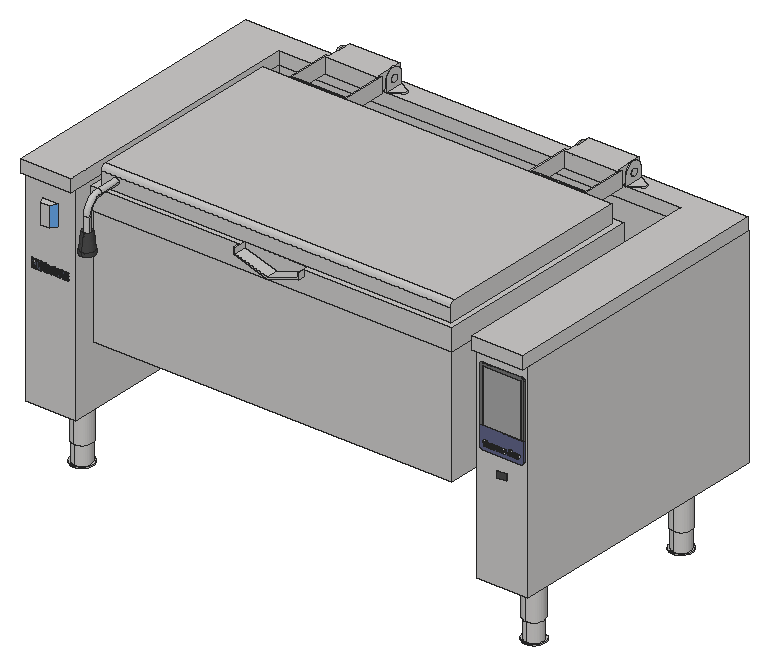
Revit family "QF_ELECTROLUXPROFESSIONAL_587124_PFET10ECIO", category Attrezzature speciali, Revit 2020
Family settings
  Quota connettore circolare = Usa diametro
  Tipo di parte = Normale
  Basato su piano di lavoro = No
  Sempre verticale = Sì
  Taglio con vuoti quando caricato = No
  Condiviso = No
  Punto di calcolo locali = No
Parameters (values of type "Standard")
  Weight = 270.00 kg
  Watts = 20600 W
  Volts = 440 V
  URL Manufacturer = "https://www.electroluxprofessional.com/"
  URL = "https://www.electroluxprofessional.com/"
  Steam Supply Size = 0 mm
  Steam Supply Minimum Pressure = 0.0 Pa
  Steam Supply Maximum Pressure = 0.0 Pa
  Steam Consumption per Hour = 0
  Refrigeration Suction Line Size = 0.0 mm
  Refrigeration Liquid Line Size = 0.0 mm
  Refrigerant Compressor Remote = yes
  Prospetto di default = 0.0 mm
  Produttore = "Electrolux Professional"
  Phase = 3
  Modello = "PFET10ECIO"
  Length Actual = 1600.0 mm  # constant formula
  Item Number = "587124"
  Hot Water Size = 12.7 mm
  Height Actual = 700.0 mm  # constant formula
  HP = "27.6 HP"
  Gas Size = 0 mm
  Gas KW = 0
  Gas Input Pressure = 0 W
  Direct Waste Size = 0 mm
  Descrizione = "ELECTRIC TILTING BRAISING PAN, 100L,440V,FS,MARINE"
  Depth Actual = 900.0 mm  # constant formula
  Cycle = 50 Hz
  Condensate Return Size = 0 mm
  Compressed Air Volume = 0.0 L/s
  Compressed Air Size = 0 mm
  Compressed Air Pressure = 0.0 Pa
  Cold Water Size = 12.7 mm
  Accessory = yes
Reference planes
  plane 1 "Center (Front/Back)": y = 0
  plane 2: z = 0
  plane 3 "Center (Left/Right)": x = 0
  plane 4 "LEFT": x = -800
  plane 5 "RIGHT": x = 800
  plane 6 "BACK": y = 450
  plane 7 "FRONT": y = -450
  plane 8 "Base": z = 200
  plane 9 "TOP": z = 900
  plane 10: x = -640
  plane 11: x = 640
  plane 12 "Axe_PentolaY": y = -230
  plane 13 "AxePentolaZ": z = 730
  plane 14 "PLANE_TOP": z = 860
  plane 15: y = 380
  plane 16: z = 833
  plane 17: z = 455
  plane 18: z = 293
  plane 19: y = -470
  plane 20 "CentroPentolaY": y = -158
  plane 21 "TopCoperchio": z = 958
  plane 22 "Versamento": z = 910
  plane 23 "Gfront": y = -1300
  plane 24 "GRight": x = 250
  plane 25 "GLeft": x = -250
  plane 26 "Gback": y = -100
  plane 27: z = 1845
  plane 28 "Ribaltamento": y = -521
  plane 29 "AxeL": x = -720
  plane 30 "AxeR": x = 720
  plane 31 "Pentola_Back": y = 226
  plane 32 "Pentola_L": x = -570.5
  plane 33 "Pentola_R": x = 570.5
  plane 34: x = -510.5
  plane 35 "axeC1": x = -382
  plane 36 "axeC2": x = 382
Forms (mm)
  Revolve 1, solid, material "QF_Finishes_Stainless Steel"
    sketch origin (0, 0, 730) x (-1, 0, 0) y (0, -1, 0)
      loop
        line (640, 230) -> (-640, 230) -> (-640, 140) -> (-630, 140) -> (-630, 173) -> (630, 173) -> (630, 140) -> (640, 140) -> (640, 230)
      axis (640, 230) -> (-640, 230)
    angle from 0 to 360
  Extrusion 2, solid, material "QF_Finishes_Stainless Steel"
    sketch origin (0, 0, 860) x (-1, 0, 0) y (0, -1, 0)
      loop
        line (800, 450) -> (640, 450) -> (640, -380) -> (-640, -380) -> (-640, 450) -> (-800, 450) -> (-800, -450) -> (800, -450) -> (800, 450)
    from 0 to 40
  Extrusion 3, solid, material "QF_Finishes_Stainless Steel"
    sketch origin (0, 0, 860) x (-1, 0, 0) y (0, -1, 0)
      loop
        line (640, -380) -> (-640, -380) -> (-640, -450) -> (640, -450) -> (640, -380)
    from 0 to -360
  Extrusion 4, solid, material "QF_Finishes_Stainless Steel"
    sketch origin (-382, 0, 0) x (0, 1, 0) y (0, 0, 1)
      loop
        line (438.242, 900) -> (438.242, 931.379)
        arc (438.242, 931.379) -> (409.121, 960.5) -> (380, 931.379) r 29.121
        line (380, 931.379) -> (380, 900) -> (438.242, 900)
    from 80 to 85
  Extrusion 5, solid, material "QF_Finishes_Stainless Steel"
    sketch origin (-182, 3.822, 900) x (0, 1, 0) y (-1, 0, 0)
      loop
        arc (395.078, 80.386) -> (405.299, 74.322) -> (415.519, 80.386) r 11.645
        line (415.519, 80.386) -> (434.42, 115) -> (376.178, 115) -> (395.078, 80.386)
      loop
        line (395.078, 319.614) -> (376.178, 285) -> (434.42, 285) -> (415.519, 319.614)
        arc (415.519, 319.614) -> (405.299, 325.678) -> (395.078, 319.614) r 11.645
    from 0 to 3
  Extrusion 6, solid, material "QF_Door-Drawer Clearances", detail levels coarse
    sketch origin (0, 0, 0) x (0, 1, 0) y (0, 0, 1)
      loop
        line (-415, 958) -> (420, 958) -> (209.062, 1745.23) -> (194.574, 1741.347) -> (180.687, 1793.174)
        arc (180.687, 1793.174) -> (156.279, 1828.463) -> (116.687, 1845) r 76.299
        arc (116.687, 1845) -> (-327.776, 1502.756) -> (-519.112, 975.434) r 1003.531
        line (-519.112, 975.434) -> (-430, 943)
        arc (-430, 943) -> (-425.607, 953.607) -> (-415, 958) r 15
      loop
        arc (-470, 900) -> (-521.02, 709.615) -> (-444, 528.183) r 302.677
        line (-444, 528.183) -> (-444, 833) -> (-450, 833) -> (-450, 847.898) -> (-470, 847.898) -> (-470, 900)
    from 105 to -105
  Extrusion 7, solid, material "QF_Finishes_Stainless Steel"
    sketch origin (0, 0, 0) x (0, 1, 0) y (0, 0, 1)
      loop
        line (226, 833) -> (-444, 833) -> (-444, 455) -> (226, 455) -> (226, 833)
    from -570.5 to 570.5
  Extrusion 8, solid, material "QF_Finishes_Stainless Steel"
    sketch origin (0, 0, 0) x (0, 1, 0) y (0, 0, 1)
      loop
        line (232, 833) -> (232, 900) -> (-450, 900) -> (-450, 833) -> (232, 833)
    from -576.5 to 576.5
  Extrusion 9, void
    sketch origin (0, -450, 0) x (-1, 0, 0) y (0, 0, 1)
      loop
        line (-105, 900) -> (-105, 880) -> (0, 847.898) -> (105, 880) -> (105, 900) -> (-105, 900)
    from 0 to 20
  Extrusion 10, solid, material "QF_Finishes_Stainless Steel"
    sketch origin (0, 0, 0) x (0, 1, 0) y (0, 0, 1)
      loop
        line (212, 958) -> (-415, 958)
        arc (-415, 958) -> (-425.607, 953.607) -> (-430, 943) r 15
        line (-430, 943) -> (-430, 900) -> (212, 900) -> (212, 958)
    from -556.5 to 556.5
  Extrusion 11, solid, material "QF_Finishes_Stainless Steel"
    sketch origin (0, -450, 0) x (-1, 0, 0) y (0, 0, 1)
      loop
        line (105, 880) -> (105, 900) -> (100, 900) -> (100, 883.7) -> (0, 853.127) -> (-100, 883.7) -> (-100, 900) -> (-105, 900) -> (-105, 880) -> (0, 847.898) -> (105, 880)
    from -20 to 20
  Extrusion 12, solid, material "QF_Finishes_Stainless Steel"
    sketch origin (-382, 0, 0) x (0, 1, 0) y (0, 0, 1)
      loop
        line (438.242, 900) -> (438.242, 931.379)
        arc (438.242, 931.379) -> (409.121, 960.5) -> (380, 931.379) r 29.121
        line (380, 931.379) -> (380, 900) -> (438.242, 900)
    from -85 to -80
  Extrusion 13, solid, material "QF_Finishes_Stainless Steel"
    sketch origin (198, 0, 900) x (0, 1, 0) y (-1, 0, 0)
      loop
        line (212, 670) -> (212, 490) -> (355, 490) -> (355, 500) -> (438.242, 500) -> (438.242, 660) -> (355, 660) -> (355, 670) -> (212, 670)
      loop
        line (217, 665) -> (217, 495) -> (345, 495) -> (345, 665) -> (217, 665)
    from 10 to 58
  Extrusion 14, solid, material "QF_Finishes_Stainless Steel"
    sketch origin (-382, 0, 0) x (0, 1, 0) y (0, 0, 1)
      loop
        circle (406.621, 931.379) r 10
    from 90 to 85
  Extrusion 15, solid, material "QF_Finishes_Stainless Steel"
    sketch origin (-382, 0, 0) x (0, 1, 0) y (0, 0, 1)
      loop
        circle (406.621, 931.379) r 10
    from -85 to -90
  Extrusion 16, solid, material "QF_Finishes_Stainless Steel"
    sketch origin (382, 0, 0) x (0, 1, 0) y (0, 0, -1)
      loop
        line (438.242, -900) -> (380, -900) -> (380, -931.379)
        arc (380, -931.379) -> (409.121, -960.5) -> (438.242, -931.379) r 29.121
        line (438.242, -931.379) -> (438.242, -900)
    from 80 to 85
  Extrusion 17, solid, material "QF_Finishes_Stainless Steel"
    sketch origin (182, 3.822, 900) x (0, 1, 0) y (-1, 0, 0)
      loop
        line (395.078, -80.386) -> (376.178, -115) -> (434.42, -115) -> (415.519, -80.386)
        arc (415.519, -80.386) -> (405.299, -74.322) -> (395.078, -80.386) r 11.645
      loop
        arc (395.078, -319.614) -> (405.299, -325.678) -> (415.519, -319.614) r 11.645
        line (415.519, -319.614) -> (434.42, -285) -> (376.178, -285) -> (395.078, -319.614)
    from 0 to 3
  Extrusion 18, solid, material "QF_Finishes_Stainless Steel"
    sketch origin (382, 0, 0) x (0, 1, 0) y (0, 0, -1)
      loop
        line (438.242, -900) -> (380, -900) -> (380, -931.379)
        arc (380, -931.379) -> (409.121, -960.5) -> (438.242, -931.379) r 29.121
        line (438.242, -931.379) -> (438.242, -900)
    from -85 to -80
  Extrusion 19, solid, material "QF_Finishes_Stainless Steel"
    sketch origin (-198, 0, 900) x (0, 1, 0) y (-1, 0, 0)
      loop
        line (212, -670) -> (355, -670) -> (355, -660) -> (438.242, -660) -> (438.242, -500) -> (355, -500) -> (355, -490) -> (212, -490) -> (212, -670)
      loop
        line (217, -665) -> (345, -665) -> (345, -495) -> (217, -495) -> (217, -665)
    from 10 to 58
  Extrusion 20, solid, material "QF_Finishes_Stainless Steel"
    sketch origin (382, 0, 0) x (0, 1, 0) y (0, 0, -1)
      loop
        circle (406.621, -931.379) r 10
    from 90 to 85
  Extrusion 21, solid, material "QF_Finishes_Stainless Steel"
    sketch origin (382, 0, 0) x (0, 1, 0) y (0, 0, -1)
      loop
        circle (406.621, -931.379) r 10
    from -85 to -90
Cuts and joins
  Extrusion 9 cuts Extrusion 8
  joined: Extrusion 8, Extrusion 11
Lines and regions (mm)
  symbolic lines
    curve 1: line (800, 450, 900) -> (-800, 450, 900)
    curve 2: line (800, -450, 900) -> (800, 450, 900)
    curve 3: line (-800, 450, 900) -> (-800, -450, 900)
    curve 4: line (-800, -450, 900) -> (-640, -450, 900)
    curve 5: line (-640, -450, 900) -> (-640, 450, 900)
    curve 6: line (640, -450, 900) -> (800, -450, 900)
    curve 7: line (630, -140, 900) -> (630, -320, 900)
    curve 8: line (-630, -140, 900) -> (-630, -320, 900)
    curve 9: line (-630, -140, 900) -> (-640, -140, 900)
    curve 10: line (-630, -320, 900) -> (-640, -320, 900)
    curve 11: line (630, -140, 900) -> (640, -140, 900)
    curve 12: line (630, -320, 900) -> (640, -320, 900)
    curve 18: line (-630, -172.761, 900) -> (-575.169, -172.761, 900)
    curve 19: line (-630, -286.868, 900) -> (-576.5, -286.868, 900)
    curve 20: line (630, -172.761, 900) -> (576.5, -172.761, 900)
    curve 21: line (630, -286.868, 900) -> (576.5, -286.868, 900)
    curve 46: line (-556.5, -430, 900) -> (556.5, -430, 900)
    curve 47: line (-501.5, -450, 900) -> (-100, -450, 900)
    curve 53: line (100, -450, 900) -> (576.5, -450, 900)
    curve 54: line (-472, 232, 900) -> (-576.5, 232, 900)
    curve 55: line (292, 232, 900) -> (-292, 232, 900)
    curve 56: line (-640, 380, 900) -> (-462, 380, 900)
    curve 57: line (640, 450, 900) -> (640, -450, 900)
    curve 58: line (-472, 355, 900) -> (-472, 212, 900)
    curve 59: line (-467, 217, 900) -> (-467, 345, 900)
    curve 60: line (-467, 345, 900) -> (-297, 345, 900)
    curve 61: line (-297, 345, 900) -> (-297, 217, 900)
    curve 62: line (-292, 212, 900) -> (-292, 355, 900)
    curve 63: line (-297, 217, 900) -> (-467, 217, 900)
    curve 64: line (292, 355, 900) -> (292, 232, 900)
    curve 65: line (297, 217, 900) -> (297, 345, 900)
    curve 66: line (467, 217, 900) -> (297, 217, 900)
    curve 67: line (467, 345, 900) -> (467, 217, 900)
    curve 68: line (472, 212, 900) -> (472, 355, 900)
    curve 69: line (297, 345, 900) -> (467, 345, 900)
    curve 70: line (-462, 355, 900) -> (-472, 355, 900)
    curve 71: line (-292, 355, 900) -> (-302, 355, 900)
    curve 72: line (-302, 355, 900) -> (-302, 438.242, 900)
    curve 73: line (-462, 438.242, 900) -> (-462, 355, 900)
    curve 74: line (-297, 438.242, 900) -> (-467, 438.242, 900)
    curve 75: line (472, 355, 900) -> (462, 355, 900)
    curve 76: line (302, 355, 900) -> (292, 355, 900)
    curve 77: line (302, 438.242, 900) -> (302, 380, 900)
    curve 78: line (462, 355, 900) -> (462, 380, 900)
    curve 79: line (262.386, 398.901, 900) -> (297, 380, 900)
    curve 80: line (297, 438.242, 900) -> (262.386, 419.341, 900)
    curve 81: arc (262.386, 419.341, 900) -> (256.322, 409.121, 900) -> (262.386, 398.901, 900) r 11.645
    curve 82: line (292, 416.621, 900) -> (292, 396.621, 900)
    curve 83: line (297, 438.242, 900) -> (297, 380, 900)
    curve 84: line (462, 438.242, 900) -> (302, 438.242, 900)
    curve 85: line (467, 380, 900) -> (467, 438.242, 900)
    curve 86: line (472, 396.621, 900) -> (472, 416.621, 900)
    curve 87: line (501.614, 419.341, 900) -> (467, 438.242, 900)
    curve 88: line (467, 380, 900) -> (501.614, 398.901, 900)
    curve 89: arc (501.614, 398.901, 900) -> (507.678, 409.121, 900) -> (501.614, 419.341, 900) r 11.645
    curve 90: line (-467, 438.242, 900) -> (-501.614, 419.341, 900)
    curve 91: arc (-501.614, 419.341, 900) -> (-507.678, 409.121, 900) -> (-501.614, 398.901, 900) r 11.645
    curve 92: line (-501.614, 398.901, 900) -> (-467, 380, 900)
    curve 93: line (-472, 416.621, 900) -> (-472, 396.621, 900)
    curve 94: line (-467, 438.242, 900) -> (-467, 380, 900)
    curve 95: line (-297, 380, 900) -> (-297, 438.242, 900)
    curve 96: line (-292, 396.621, 900) -> (-292, 416.621, 900)
    curve 97: line (-297, 380, 900) -> (-262.386, 398.901, 900)
    curve 98: arc (-262.386, 398.901, 900) -> (-256.322, 409.121, 900) -> (-262.386, 419.341, 900) r 11.645
    curve 99: line (-262.386, 419.341, 900) -> (-297, 438.242, 900)
    curve 100: line (-472, 416.621, 900) -> (-467, 416.621, 900)
    curve 101: line (-472, 396.621, 900) -> (-467, 396.621, 900)
    curve 102: line (-297, 396.621, 900) -> (-292, 396.621, 900)
    curve 103: line (-297, 416.621, 900) -> (-292, 416.621, 900)
    curve 104: line (292, 416.621, 900) -> (297, 416.621, 900)
    curve 105: line (292, 396.621, 900) -> (297, 396.621, 900)
    curve 106: line (472, 416.621, 900) -> (467, 416.621, 900)
    curve 107: line (472, 396.621, 900) -> (467, 396.621, 900)
    curve 108: line (302, 380, 900) -> (302, 355, 900)
    curve 109: line (462, 380, 900) -> (462, 438.242, 900)
    curve 110: line (-302, 380, 900) -> (302, 380, 900)
    curve 111: line (462, 380, 900) -> (640, 380, 900)
    curve 112: line (-467, 232, 900) -> (-297, 232, 900)
    curve 113: line (292, 232, 900) -> (292, 212, 900)
    curve 114: line (297, 232, 900) -> (467, 232, 900)
    curve 115: line (472, 232, 900) -> (576.5, 232, 900)
  symbolic lines, style "SpecialityEquipmentHiddenLines"
    curve 13: line (-250, -1300, 900) -> (250, -1300, 900)
    curve 14: line (-250, -100, 900) -> (-250, -1300, 900)
    curve 15: line (250, -100, 900) -> (-250, -100, 900)
    curve 16: line (250, -1300, 900) -> (250, -100, 900)
    curve 38: line (0, -1165.484, 900) -> (0, -1135.484, 900)
    curve 39: line (-15, -1150.484, 900) -> (15, -1150.484, 900)
  symbolic lines, style "SpecialityEquipment"
    curve 17: circle (0, -1150.484, 900) r 15 normal (0, 0, 1)
    curve 22: line (210, -1300, 900) -> (210, -1100, 900)
    curve 23: line (170, -1300, 900) -> (170, -1140, 900)
    curve 24: line (130, -1300, 900) -> (130, -1180, 900)
    curve 25: line (90, -1300, 900) -> (90, -1220, 900)
    curve 26: line (90, -1260, 900) -> (250, -1260, 900)
    curve 27: line (130, -1220, 900) -> (250, -1220, 900)
    curve 28: line (170, -1180, 900) -> (250, -1180, 900)
    curve 29: line (210, -1140, 900) -> (250, -1140, 900)
    curve 30: line (-210, -1300, 900) -> (-210, -1100, 900)
    curve 31: line (-170, -1300, 900) -> (-170, -1140, 900)
    curve 32: line (-130, -1300, 900) -> (-130, -1180, 900)
    curve 33: line (-90, -1300, 900) -> (-90, -1220, 900)
    curve 34: line (-90, -1260, 900) -> (-250, -1260, 900)
    curve 35: line (-130, -1220, 900) -> (-250, -1220, 900)
    curve 36: line (-170, -1180, 900) -> (-250, -1180, 900)
    curve 37: line (-210, -1140, 900) -> (-250, -1140, 900)
    curve 40: line (-556.5, 212, 900) -> (-556.5, -430, 900)
    curve 41: line (556.5, -430, 900) -> (556.5, 212, 900)
    curve 42: line (556.5, 212, 900) -> (-556.5, 212, 900)
    curve 43: line (-576.5, 232, 900) -> (-576.5, -450, 900)
    curve 44: line (-576.5, -450, 900) -> (-519.5, -450, 900)
    curve 45: line (576.5, -450, 900) -> (576.5, 232, 900)
    curve 48: line (-100, -430, 900) -> (-100, -470, 900)
    curve 49: line (-105, -470, 900) -> (105, -470, 900)
    curve 50: line (100, -470, 900) -> (100, -430, 900)
    curve 51: line (105, -470, 900) -> (105, -450, 900)
    curve 52: line (-105, -450, 900) -> (-105, -470, 900)
Dimensions and locks
  plane 4 "LEFT" to plane 5 "RIGHT" = 1600.0 mm
  equal spacing: plane 4 "LEFT", plane 3 "Center (Left/Right)", plane 5 "RIGHT"
  equal spacing: plane 6 "BACK", plane 1 "Center (Front/Back)", plane 7 "FRONT"
  plane 6 "BACK" to plane 7 "FRONT" = 900.0 mm
  plane 8 "Base" to level = 200.0 mm
  plane 9 "TOP" to level = 900.0 mm
  plane 9 "TOP" to plane 8 "Base" = 700.0 mm
  locked: plane 4 "LEFT" to plane 10 at 160
  locked: plane 11 to plane 5 "RIGHT" at 160
  locked: plane 6 "BACK" to plane 12 "Axe_PentolaY" at 680
  locked: plane 13 "AxePentolaZ" to plane 8 "Base" at 530
  locked: Revolve 1 sketch curve to Revolve 1 sketch curve at 57
  locked: Revolve 1 sketch curve to Revolve 1 sketch curve at 90
  locked: plane 10 to Revolve 1 sketch curve at 10
  locked: Revolve 1 sketch curve to plane 11 at 10
  locked: plane 9 "TOP" to plane 14 "PLANE_TOP" at 40
  plane 6 "BACK" to plane 15 = 70.0 mm
  locked: plane 16 to plane 13 "AxePentolaZ" at 103
  locked: plane 13 "AxePentolaZ" to plane 17 at 275
  locked: plane 17 to plane 18 at 162
  plane 6 "BACK" to plane 19 = 920.0 mm
  locked: plane 6 "BACK" to plane 20 "CentroPentolaY" at 608
  locked: plane 21 "TopCoperchio" to plane 9 "TOP" at 58
  locked: plane 22 "Versamento" to level at 910
  plane 6 "BACK" to plane 23 "Gfront" = 1750.0 mm
  locked: plane 25 "GLeft" to plane 3 "Center (Left/Right)" at 250
  locked: plane 3 "Center (Left/Right)" to plane 24 "GRight" at 250
  plane 6 "BACK" to plane 26 "Gback" = 550.0 mm
  plane 27 to plane 9 "TOP" = 945.0 mm
  plane 6 "BACK" to plane 28 "Ribaltamento" = 971.0 mm
  equal spacing: plane 10, plane 29 "AxeL", plane 4 "LEFT"
  equal spacing: plane 5 "RIGHT", plane 30 "AxeR", plane 11
  locked: plane 33 "Pentola_R" to plane 32 "Pentola_L" at 1141
  equal spacing: plane 33 "Pentola_R", plane 3 "Center (Left/Right)", plane 32 "Pentola_L"
  locked: Extrusion 8 sketch curve to plane 31 "Pentola_Back" at 6
  plane 31 "Pentola_Back" to plane 12 "Axe_PentolaY" = 456.0 mm
  locked: plane 34 to plane 32 "Pentola_L" at 60
  plane 4 "LEFT" to plane 35 "axeC1" = 418.0 mm
  plane 36 "axeC2" to plane 5 "RIGHT" = 418.0 mm
  locked: cut or joined group of Extrusion 8, Extrusion 9, Extrusion 11 to plane 33 "Pentola_R" at 6
  locked: plane 32 "Pentola_L" to cut or joined group of Extrusion 8, Extrusion 9, Extrusion 11 at 6
  locked: Extrusion 10 to plane 32 "Pentola_L" at 14
  locked: plane 33 "Pentola_R" to Extrusion 10 at 14
  aligned and locked: level to plane 2
  aligned and locked: plane 5 "RIGHT" to nested 2
  aligned and locked: plane 4 "LEFT" to nested 1
  aligned and locked: plane 8 "Base" to nested 1
  aligned and locked: plane 6 "BACK" to nested 2
  aligned and locked: plane 10 to Revolve 1 sketch curve
  aligned and locked: plane 11 to Revolve 1 sketch curve
  aligned and locked: plane 4 "LEFT" to Extrusion 2 sketch curve
  aligned and locked: Extrusion 2 sketch curve to plane 10
  aligned and locked: plane 7 "FRONT" to Extrusion 2 sketch curve  (x2)
  aligned and locked: Extrusion 2 sketch curve to plane 5 "RIGHT"
  aligned and locked: plane 11 to Extrusion 2 sketch curve
  aligned and locked: Extrusion 2 sketch curve to plane 6 "BACK"
  aligned and locked: plane 15 to Extrusion 2 sketch curve
  aligned and locked: Extrusion 3 sketch curve to plane 10
  aligned and locked: plane 6 "BACK" to Extrusion 3 sketch curve
  aligned and locked: plane 11 to Extrusion 3 sketch curve
  aligned and locked: Extrusion 3 sketch curve to plane 15
  aligned and locked: curve 13 to plane 23 "Gfront"
  aligned and locked: curve 14 to plane 25 "GLeft"
  aligned and locked: plane 24 "GRight" to curve 16
  aligned and locked: plane 26 "Gback" to curve 15
  aligned and locked: plane 30 "AxeR" to nested 3
  aligned and locked: plane 17 to Extrusion 7 sketch curve
  aligned and locked: Extrusion 8 sketch curve to plane 16
  aligned and locked: plane 9 "TOP" to Extrusion 8 sketch curve
  aligned and locked: Extrusion 7 to plane 32 "Pentola_L"
  aligned and locked: plane 33 "Pentola_R" to Extrusion 7
  aligned and locked: plane 34 to nested 4
  aligned and locked: plane 29 "AxeL" to nested 5
Automatic sketch dimensions
  plane 12 "Axe_PentolaY" to Revolve 1 sketch curve = 0.0 mm
  Revolve 1 sketch curve to plane 12 "Axe_PentolaY" = 0.0 mm
  plane 20 "CentroPentolaY" to Revolve 1 sketch curve = 18.0 mm
  plane 5 "RIGHT" to Revolve 1 sketch curve = 432.098 mm
  Revolve 1 sketch curve to plane 4 "LEFT" = 580.148 mm
  Extrusion 4 sketch curve to plane 9 "TOP" = 0.0 mm
  Extrusion 4 sketch curve to plane 15 = 0.0 mm
  plane 15 to Extrusion 4 sketch curve = 29.121 mm
  plane 22 "Versamento" to Extrusion 4 sketch curve = 21.379 mm
  Extrusion 5 sketch curve to plane 15 = 0.0 mm  (x2)
  plane 34 to Extrusion 5 sketch curve = 8.886 mm  (x2)
  plane 15 to Extrusion 5 sketch curve = 18.901 mm  (x2)
  Extrusion 5 sketch curve to Extrusion 5 sketch curve = 10.22 mm  (x3)
  Extrusion 5 sketch curve to plane 25 "GLeft" = 12.386 mm
  Extrusion 5 sketch curve to plane 6 "BACK" = 11.758 mm  (x2)
  Extrusion 5 sketch curve to Extrusion 5 sketch curve = 5.581 mm  (x2)
  Extrusion 5 sketch curve to Extrusion 5 sketch curve = 34.614 mm  (x2)
  Extrusion 6 sketch curve to plane 9 "TOP" = 0.0 mm
  Extrusion 6 sketch curve to plane 19 = 0.0 mm
  Extrusion 6 sketch curve to plane 7 "FRONT" = 0.0 mm
  Extrusion 6 sketch curve to plane 16 = 0.0 mm
  Extrusion 6 sketch curve to plane 21 "TopCoperchio" = 0.0 mm
  Extrusion 6 sketch curve to plane 27 = 0.0 mm
  plane 28 "Ribaltamento" to Extrusion 6 sketch curve = 1.888 mm
  Extrusion 6 sketch curve to Extrusion 6 sketch curve = 6.0 mm
  plane 7 "FRONT" to Extrusion 6 sketch curve = 20.0 mm
  Extrusion 6 sketch curve to plane 21 "TopCoperchio" = 15.0 mm
  plane 13 "AxePentolaZ" to Extrusion 6 sketch curve = 0.728 mm
  plane 12 "Axe_PentolaY" to Extrusion 6 sketch curve = 10.919 mm
  Extrusion 6 sketch curve to plane 1 "Center (Front/Back)" = 108.263 mm
  Extrusion 6 sketch curve to plane 31 "Pentola_Back" = 45.313 mm
  Extrusion 6 sketch curve to plane 31 "Pentola_Back" = 31.426 mm
  Extrusion 6 sketch curve to Extrusion 6 sketch curve = 14.489 mm
  Extrusion 6 sketch curve to plane 6 "BACK" = 30.0 mm
  plane 22 "Versamento" to Extrusion 6 sketch curve = 0.445 mm
  plane 6 "BACK" to Extrusion 6 sketch curve = 32.313 mm
  Extrusion 6 sketch curve to plane 14 "PLANE_TOP" = 12.102 mm
  plane 21 "TopCoperchio" to Extrusion 6 sketch curve = 17.434 mm
  Extrusion 6 sketch curve to plane 27 = 103.653 mm
  Extrusion 7 sketch curve to plane 16 = 0.0 mm
  Extrusion 7 sketch curve to plane 31 "Pentola_Back" = 0.0 mm
  plane 7 "FRONT" to Extrusion 7 sketch curve = 6.0 mm
  Extrusion 8 sketch curve to plane 7 "FRONT" = 0.0 mm
  Extrusion 9 sketch curve to plane 9 "TOP" = 0.0 mm
  Extrusion 9 sketch curve to plane 3 "Center (Left/Right)" = 0.0 mm
  plane 3 "Center (Left/Right)" to Extrusion 9 sketch curve = 105.0 mm
  Extrusion 9 sketch curve to plane 9 "TOP" = 20.0 mm  (x2)
  Extrusion 9 sketch curve to plane 3 "Center (Left/Right)" = 105.0 mm
  Extrusion 9 sketch curve to plane 14 "PLANE_TOP" = 12.102 mm
  Extrusion 10 sketch curve to plane 9 "TOP" = 0.0 mm
  Extrusion 10 sketch curve to plane 21 "TopCoperchio" = 0.0 mm
  plane 7 "FRONT" to Extrusion 10 sketch curve = 20.0 mm
  Extrusion 10 sketch curve to Extrusion 10 sketch curve = 15.0 mm
  Extrusion 10 sketch curve to plane 31 "Pentola_Back" = 14.0 mm
  Extrusion 11 sketch curve to plane 9 "TOP" = 0.0 mm  (x2)
  Extrusion 11 sketch curve to plane 3 "Center (Left/Right)" = 0.0 mm  (x2)
  plane 3 "Center (Left/Right)" to Extrusion 11 sketch curve = 100.0 mm
  Extrusion 11 sketch curve to Extrusion 11 sketch curve = 5.0 mm  (x2)
  Extrusion 11 sketch curve to plane 9 "TOP" = 16.3 mm
  Extrusion 11 sketch curve to plane 3 "Center (Left/Right)" = 100.0 mm
  Extrusion 11 sketch curve to plane 9 "TOP" = 20.0 mm  (x2)
  Extrusion 11 sketch curve to plane 14 "PLANE_TOP" = 6.873 mm
  Extrusion 11 sketch curve to Extrusion 11 sketch curve = 5.228 mm
  Extrusion 11 sketch curve to Extrusion 11 sketch curve = 3.7 mm
  Extrusion 12 sketch curve to plane 9 "TOP" = 0.0 mm
  Extrusion 12 sketch curve to plane 15 = 0.0 mm
  plane 15 to Extrusion 12 sketch curve = 29.121 mm
  plane 22 "Versamento" to Extrusion 12 sketch curve = 21.379 mm
  Extrusion 13 sketch curve to plane 31 "Pentola_Back" = 14.0 mm
  Extrusion 13 sketch curve to Extrusion 13 sketch curve = 5.0 mm  (x4)
  Extrusion 13 sketch curve to plane 15 = 35.0 mm
  Extrusion 13 sketch curve to Extrusion 13 sketch curve = 10.0 mm  (x3)
  Extrusion 13 sketch curve to plane 6 "BACK" = 11.758 mm
  Extrusion 13 sketch curve to plane 25 "GLeft" = 42.0 mm
  plane 34 to Extrusion 13 sketch curve = 48.5 mm
  plane 15 to Extrusion 14 sketch curve = 26.621 mm
  plane 22 "Versamento" to Extrusion 14 sketch curve = 21.379 mm
  plane 15 to Extrusion 15 sketch curve = 26.621 mm
  plane 22 "Versamento" to Extrusion 15 sketch curve = 21.379 mm
  Extrusion 16 sketch curve to plane 9 "TOP" = 0.0 mm
  Extrusion 16 sketch curve to plane 15 = 0.0 mm
  Extrusion 16 sketch curve to Extrusion 16 sketch curve = 29.121 mm
  plane 22 "Versamento" to Extrusion 16 sketch curve = 21.379 mm
  Extrusion 17 sketch curve to plane 15 = 0.0 mm  (x2)
  Extrusion 17 sketch curve to plane 15 = 18.901 mm  (x2)
  Extrusion 17 sketch curve to Extrusion 17 sketch curve = 10.22 mm  (x4)
  Extrusion 17 sketch curve to plane 24 "GRight" = 12.386 mm
  plane 6 "BACK" to Extrusion 17 sketch curve = 11.758 mm  (x2)
  Extrusion 17 sketch curve to Extrusion 17 sketch curve = 5.581 mm  (x2)
  Extrusion 17 sketch curve to Extrusion 17 sketch curve = 34.614 mm
  Extrusion 17 sketch curve to plane 36 "axeC2" = 85.0 mm
  Extrusion 17 sketch curve to Extrusion 17 sketch curve = 29.033 mm
  Extrusion 18 sketch curve to plane 9 "TOP" = 0.0 mm
  Extrusion 18 sketch curve to plane 15 = 0.0 mm
  Extrusion 18 sketch curve to Extrusion 18 sketch curve = 29.121 mm
  plane 22 "Versamento" to Extrusion 18 sketch curve = 21.379 mm
  plane 31 "Pentola_Back" to Extrusion 19 sketch curve = 14.0 mm
  Extrusion 19 sketch curve to Extrusion 19 sketch curve = 5.0 mm  (x4)
  plane 15 to Extrusion 19 sketch curve = 35.0 mm
  Extrusion 19 sketch curve to Extrusion 19 sketch curve = 10.0 mm  (x3)
  plane 6 "BACK" to Extrusion 19 sketch curve = 11.758 mm
  Extrusion 19 sketch curve to plane 24 "GRight" = 42.0 mm
  Extrusion 19 sketch curve to plane 36 "axeC2" = 80.0 mm
  plane 15 to Extrusion 20 sketch curve = 26.621 mm
  plane 22 "Versamento" to Extrusion 20 sketch curve = 21.379 mm
  plane 15 to Extrusion 21 sketch curve = 26.621 mm
  plane 22 "Versamento" to Extrusion 21 sketch curve = 21.379 mm
  curve 38 to plane 3 "Center (Left/Right)" = 0.0 mm
  curve 17 to plane 3 "Center (Left/Right)" = 0.0 mm
  curve 52 to plane 19 = 0.0 mm
  curve 51 to plane 7 "FRONT" = 0.0 mm
  curve 52 to plane 7 "FRONT" = 0.0 mm
  curve 44 to plane 7 "FRONT" = 0.0 mm
  curve 2 to plane 5 "RIGHT" = 0.0 mm
  curve 2 to plane 7 "FRONT" = 0.0 mm
  curve 3 to plane 4 "LEFT" = 0.0 mm
  curve 3 to plane 7 "FRONT" = 0.0 mm
  curve 12 to plane 11 = 0.0 mm
  curve 10 to plane 10 = 0.0 mm
  curve 111 to plane 15 = 0.0 mm
  curve 56 to plane 15 = 0.0 mm
  curve 110 to plane 15 = 0.0 mm
  curve 5 to plane 6 "BACK" = 0.0 mm
  plane 23 "Gfront" to curve 17 = 149.516 mm
  plane 7 "FRONT" to curve 40 = 20.0 mm
  plane 10 to curve 8 = 10.0 mm
  curve 8 to plane 12 "Axe_PentolaY" = 90.0 mm
  curve 7 to plane 11 = 10.0 mm
  curve 7 to plane 12 "Axe_PentolaY" = 90.0 mm
  plane 20 "CentroPentolaY" to curve 8 = 18.0 mm
  plane 20 "CentroPentolaY" to curve 7 = 18.0 mm
  curve 42 to plane 31 "Pentola_Back" = 14.0 mm
  curve 68 to curve 67 = 5.0 mm  (x2)
  curve 62 to curve 63 = 5.0 mm
  plane 31 "Pentola_Back" to curve 64 = 6.0 mm
  plane 31 "Pentola_Back" to curve 43 = 6.0 mm
  curve 60 to curve 95 = 35.0 mm
  curve 65 to plane 15 = 35.0 mm
  curve 65 to curve 64 = 10.0 mm
  curve 67 to curve 68 = 10.0 mm
  curve 60 to curve 62 = 10.0 mm
  curve 59 to curve 58 = 10.0 mm
  plane 15 to curve 105 = 16.621 mm
  plane 15 to curve 102 = 16.621 mm
  plane 15 to curve 86 = 16.621 mm
  plane 15 to curve 101 = 16.621 mm
  plane 15 to curve 88 = 18.901 mm
  plane 34 to curve 92 = 8.886 mm
  plane 15 to curve 92 = 18.901 mm
  plane 15 to curve 79 = 18.901 mm
  plane 15 to curve 97 = 18.901 mm
  curve 89 to curve 89 = 10.22 mm
  curve 81 to curve 81 = 10.22 mm
  curve 98 to curve 98 = 10.22 mm
  curve 91 to curve 91 = 10.22 mm
  curve 82 to curve 82 = 20.0 mm
  curve 96 to curve 96 = 20.0 mm
  curve 86 to curve 106 = 20.0 mm
  curve 93 to curve 93 = 20.0 mm
  plane 24 "GRight" to curve 80 = 12.386 mm
  curve 81 to curve 80 = 10.22 mm
  curve 89 to curve 87 = 10.22 mm
  plane 34 to curve 90 = 8.886 mm
  curve 99 to plane 25 "GLeft" = 12.386 mm
  curve 98 to curve 99 = 10.22 mm
  curve 84 to plane 6 "BACK" = 11.758 mm
  curve 84 to curve 85 = 0.0 mm
  curve 95 to plane 6 "BACK" = 11.758 mm
  curve 83 to curve 77 = 0.0 mm
  plane 33 "Pentola_R" to curve 45 = 6.0 mm
  curve 42 to plane 33 "Pentola_R" = 14.0 mm
  curve 88 to plane 33 "Pentola_R" = 68.886 mm
  curve 87 to curve 89 = 5.581 mm
  curve 89 to curve 86 = 24.033 mm
  curve 75 to curve 86 = 0.0 mm
  curve 86 to curve 85 = 5.0 mm
  curve 68 to curve 78 = 10.0 mm
  curve 84 to curve 81 = 39.614 mm
  plane 24 "GRight" to curve 66 = 47.0 mm
  curve 77 to curve 80 = 5.0 mm
  curve 105 to curve 105 = 5.0 mm
  curve 114 to curve 55 = 5.0 mm
  curve 81 to curve 81 = 5.581 mm
  plane 3 "Center (Left/Right)" to curve 51 = 105.0 mm
  curve 49 to plane 3 "Center (Left/Right)" = 105.0 mm
  curve 98 to curve 98 = 5.581 mm
  curve 98 to curve 96 = 24.033 mm
  curve 62 to curve 96 = 0.0 mm
  curve 96 to curve 99 = 5.0 mm
  curve 62 to curve 61 = 5.0 mm
  curve 62 to curve 71 = 10.0 mm
  plane 34 to curve 73 = 48.5 mm
  curve 73 to curve 90 = 5.0 mm
  plane 34 to curve 63 = 43.5 mm
  curve 101 to curve 93 = 5.0 mm
  curve 70 to curve 58 = 10.0 mm
  curve 91 to curve 90 = 5.581 mm
  plane 32 "Pentola_L" to curve 46 = 14.0 mm
  curve 54 to plane 32 "Pentola_L" = 6.0 mm
  curve 13 to curve 26 = 40.0 mm
  curve 33 to curve 34 = 40.0 mm
  curve 26 to curve 27 = 40.0 mm
  curve 34 to curve 35 = 40.0 mm
  curve 35 to curve 33 = 0.0 mm
  curve 25 to curve 27 = 0.0 mm
  curve 27 to curve 28 = 40.0 mm
  curve 24 to curve 28 = 0.0 mm
  curve 35 to curve 32 = 40.0 mm
  curve 36 to curve 32 = 0.0 mm
  curve 38 to curve 17 = 15.0 mm
  curve 17 to curve 39 = 0.0 mm
  curve 28 to curve 29 = 40.0 mm
  curve 36 to curve 31 = 40.0 mm
  curve 28 to curve 23 = 40.0 mm
  curve 37 to curve 31 = 0.0 mm
  curve 37 to curve 30 = 40.0 mm
  curve 29 to curve 22 = 40.0 mm
  curve 8 to curve 19 = 33.132 mm
  curve 7 to curve 21 = 33.132 mm
  curve 20 to plane 20 "CentroPentolaY" = 14.761 mm
  curve 18 to plane 20 "CentroPentolaY" = 14.761 mm
  curve 54 to curve 112 = 0.0 mm
  plane 31 "Pentola_Back" to curve 115 = 6.0 mm
  curve 114 to curve 115 = 0.0 mm
  curve 113 to curve 55 = 0.0 mm
  curve 22 to plane 24 "GRight" = 40.0 mm
  curve 22 to curve 23 = 40.0 mm
  curve 28 to curve 27 = 40.0 mm
  curve 51 to curve 53 = 5.0 mm
  curve 27 to curve 25 = 40.0 mm
  curve 33 to plane 3 "Center (Left/Right)" = 90.0 mm
  curve 47 to curve 52 = 5.0 mm
  curve 33 to curve 35 = 40.0 mm
  curve 32 to curve 31 = 40.0 mm
  curve 37 to curve 37 = 40.0 mm
  plane 34 to curve 47 = 9.0 mm
  curve 44 to plane 34 = 9.0 mm
  curve 18 to plane 32 "Pentola_L" = 4.669 mm
  radius of Extrusion 14 sketch curve = 10.0 mm
  radius of Extrusion 15 sketch curve = 10.0 mm
  radius of Extrusion 20 sketch curve = 10.0 mm
  radius of Extrusion 21 sketch curve = 10.0 mm
Nested families
  nested 1: "QF_ELECTROLUXPROFESSIONAL_PBOTNB900_LEFT" at (-720, 0, 0), type "QF_ELECTROLUXPROFESSIONAL_PBOTNB900_LEFT"
    with Body Finish QF_Finishes_Stainless Steel
  nested 2: "QF_ELECTROLUXPROFESSIONAL_PBOTNB900_RIGHT" at (720, 0, 0), type "QF_ELECTROLUXPROFESSIONAL_PBOTNB900_RIGHT"
    with Body Finish QF_Finishes_Stainless Steel
  nested 3: "QF_ELECTROLUXPROFESSIONAL_2FEET_THL_120xH200" at (720, 0, 0), type "QF_ELECTROLUXPROFESSIONAL_2FEET_THL_120xH200"
  nested 4: "QF_ELECTROLUXPROFESSIONAL_PFET900_LEVEL1" at (-510.5, -430, 927.803), type "QF_ELECTROLUXPROFESSIONAL_PFET900_LEVEL1"
  nested 5: "QF_ELECTROLUXPROFESSIONAL_2FEET_THL_120xH200" at (-720, 0, 0), type "QF_ELECTROLUXPROFESSIONAL_2FEET_THL_120xH200"
Connectors
  piping at (-750, 453, 395), diameter 12.7, driven by "Hot Water Size"
    settings: on nested 1, index 1, connector inside diameter 609.6 mm, connector length 0.0 mm, flow factor 0, pipe flow 0.0 L/s, pressure drop 0.0 Pa, fitting loss kfactor 0, connector angle 0.00°, fixture units 0, engagement length 0.0 mm, angle of deflection 0.00°, flow configuration 1, flow direction 1, fitting loss method 0, system type 19, joint type 0, gender type 0, connector reference index -1, connector utility 0, adjustable connector no, is connector primary yes, connector description "Hot Water Inlet"
  piping at (-690, 453, 395), diameter 12.7, driven by "Cold Water Size"
    settings: on nested 1, index 2, connector inside diameter 609.6 mm, connector length 0.0 mm, flow factor 0, pipe flow 0.0 L/s, pressure drop 0.0 Pa, fitting loss kfactor 0, connector angle 0.00°, fixture units 0, engagement length 0.0 mm, angle of deflection 0.00°, flow configuration 1, flow direction 1, fitting loss method 0, system type 20, joint type 0, gender type 0, connector reference index -1, connector utility 0, adjustable connector no, is connector primary no, connector description "Cold Water Inlet"
  electrical at (720, 450, 450), driven by "Volts"
    settings: on nested 2, index 3, voltage 440 V, apparent load 0 VA, apparent load phase1 0 VA, apparent load phase2 0 VA, apparent load phase3 0 VA, power factor 1, load classification "Other", number of poles 1, system type 30, power factor state 1, is connector primary yes, connector utility no, sub classification motor no, connector description "Electrical Connection"
Definition of nested family "QF_ELECTROLUXPROFESSIONAL_PBOTNB900_LEFT"
  Parameters
    Width = 160.0 mm
    Right = Width / 2  # 80.0 mm
    Default Elevation = 0.0 mm
    Left = -Width / 2  # -80.0 mm
    Htop = 40.0 mm
    Height = 900.0 mm
    HW_CW_z = 195.0 mm
    HW_CW_y = 312.0 mm
    HW_CW_Border = 50.0 mm
    HBase = 200.0 mm
    Depth = 900.0 mm
    BorderFront = 20.0 mm
    Body Finish [instance] = none
  Reference planes
    plane 1 "Center (Front/Back)": y = 0
    plane 2: z = 0
    plane 3 "Center (Left/Right)": x = 0
    plane 4 "LEFT": x = -80
    plane 5 "RIGHT": x = 80
    plane 6 "BACK": y = 450
    plane 7 "FRONT": y = -450
    plane 8 "TRAYSLIDER": y = -811.8
    plane 9 "Base": z = 200
    plane 10 "TOP": z = 900
    plane 11 "BorderFront": y = -430
    plane 12: z = 860
    plane 13 "HW_CW": y = 138
    plane 14: x = -30
    plane 15: x = 30
    plane 16 "STEAM": z = 340
    plane 17 "CHW": z = 395
  Forms (mm)
    Extrusion 1, solid
      sketch origin (0, 0, 0) x (1, 0, 0) y (0, 1, 0)
        loop
          line (-80, 450) -> (-80, -430) -> (80, -430) -> (80, 450) -> (-80, 450)
      from 860 to 200
    Extrusion 2, solid, material <- "Body Finish"
      sketch origin (0, 450, 0) x (-1, 0, 0) y (0, 0, 1)
        loop
          circle (30, 395) r 6.35
        loop
          circle (-30, 395) r 6.35
      from 3 to 0
    Blend 3, solid, material <- "Body Finish"
      base sketch origin (0, -430, -0.233) x (-1, 0, 0) y (0, 0, 1)
        loop
          line (23.5, 800.233) -> (-23.5, 800.233) -> (-23.5, 733.433) -> (23.5, 733.433) -> (23.5, 800.233)
      top sketch origin (0, -430, -0.233) x (-1, 0, 0) y (0, 0, 1)
        loop
          line (13.448, 797.45) -> (-13.448, 797.45) -> (-13.448, 736.216) -> (13.448, 736.216) -> (13.448, 797.45)
      from 0 to -20
    Extrusion 4, solid
      sketch origin (-12.54, -430, 23) x (-1, 0, 0) y (0, 0, 1)
        loop
          line (5.327, 593.058) -> (5.327, 590.846) -> (11.437, 590.846) -> (11.437, 587.616) -> (5.692, 587.616) -> (5.692, 585.398) -> (11.437, 585.398) -> (11.437, 583.444)
          arc (11.437, 583.444) -> (10.839, 582.088) -> (9.435, 581.614) r 1.838
          line (9.435, 581.614) -> (5.163, 581.614) -> (5.163, 579.403) -> (9.986, 579.403)
          arc (9.986, 579.403) -> (12.674, 580.517) -> (13.788, 583.205) r 3.802
          line (13.788, 583.205) -> (13.788, 593.058) -> (5.327, 593.058)
        loop
          line (3.492, 593.058) -> (1.141, 593.058) -> (1.141, 579.403) -> (3.492, 579.403) -> (3.492, 593.058)
        loop
          line (-47.588, 593.058) -> (-49.941, 593.058) -> (-49.941, 579.403) -> (-47.588, 579.403) -> (-47.588, 593.058)
        loop
          arc (-2.749, 583.764) -> (-3.194, 582.272) -> (-4.489, 581.409) r 2.29
          arc (-4.489, 581.409) -> (-6.614, 581.225) -> (-8.443, 582.322) r 3.458
          line (-8.443, 582.322) -> (-9.836, 580.928)
          arc (-9.836, 580.928) -> (-7.685, 579.48) -> (-5.119, 579.102) r 5.86
          arc (-5.119, 579.102) -> (-1.823, 580.467) -> (-0.457, 583.764) r 4.662
          arc (-0.457, 583.764) -> (-1.495, 587.706) -> (-5.131, 589.55) r 4.976
          arc (-5.131, 589.55) -> (-9.259, 588.004) -> (-10.466, 583.764) r 4.89
          line (-10.466, 583.764) -> (-2.749, 583.764)
        loop
          arc (-2.808, 585.417) -> (-3.843, 587.066) -> (-5.727, 587.557) r 2.64
          arc (-5.727, 587.557) -> (-7.36, 586.981) -> (-8.104, 585.417) r 2.256
          line (-8.104, 585.417) -> (-2.808, 585.417)
        loop
          arc (-19.634, 586.402) -> (-17.741, 587.437) -> (-15.609, 587.112) r 3.369
          arc (-15.609, 587.112) -> (-14.276, 585.699) -> (-14.118, 583.764) r 2.933
          arc (-14.118, 583.764) -> (-16.389, 581.316) -> (-19.559, 582.365) r 3.088
          line (-19.559, 582.365) -> (-21.028, 580.896)
          arc (-21.028, 580.896) -> (-14.811, 579.611) -> (-11.775, 585.186) r 5.33
          arc (-11.775, 585.186) -> (-13.576, 588.365) -> (-17.009, 589.62) r 5.293
          arc (-17.009, 589.62) -> (-19.259, 589.219) -> (-21.111, 587.878) r 5.117
          line (-21.111, 587.878) -> (-19.634, 586.402)
        loop
          line (-22.556, 593.058) -> (-24.908, 593.058) -> (-24.908, 589.279) -> (-27.044, 589.279) -> (-27.044, 587.143) -> (-24.908, 587.143) -> (-24.908, 583.764)
          arc (-24.908, 583.764) -> (-25.11, 582.682) -> (-25.866, 581.883) r 1.949
          arc (-25.866, 581.883) -> (-26.455, 581.649) -> (-27.088, 581.601) r 2.118
          line (-27.088, 581.601) -> (-27.088, 579.397)
          arc (-27.088, 579.397) -> (-24.962, 579.678) -> (-23.283, 581.013) r 4.018
          arc (-23.283, 581.013) -> (-22.759, 582.327) -> (-22.556, 583.727) r 6.031
          line (-22.556, 583.727) -> (-22.556, 593.058)
        loop
          line (-31.355, 584.595) -> (-31.355, 579.403) -> (-29.023, 579.403) -> (-29.023, 589.279) -> (-31.355, 589.279) -> (-31.355, 587.855)
          arc (-31.355, 587.855) -> (-32.932, 589.208) -> (-35.001, 589.403) r 3.432
          line (-35.001, 589.403) -> (-35.001, 587.143)
          arc (-35.001, 587.143) -> (-33.417, 587.175) -> (-32.009, 586.452) r 3.231
          arc (-32.009, 586.452) -> (-31.523, 585.579) -> (-31.355, 584.595) r 2.967
        loop
          circle (-40.752, 584.339) r 5.233
        loop
          circle (-40.752, 584.339) r 3.172
        loop
          line (-58.424, 583.516) -> (-58.424, 589.279) -> (-60.794, 589.279) -> (-60.794, 583.417)
          arc (-60.794, 583.417) -> (-59.481, 580.276) -> (-56.268, 579.153) r 4.181
          arc (-56.268, 579.153) -> (-53.09, 580.243) -> (-51.74, 583.32) r 4.181
          line (-51.74, 583.32) -> (-51.74, 589.279) -> (-54.111, 589.279) -> (-54.111, 583.516)
          arc (-54.111, 583.516) -> (-54.692, 581.919) -> (-56.268, 581.283) r 2.088
          arc (-56.268, 581.283) -> (-57.843, 581.919) -> (-58.424, 583.516) r 2.088
        loop
          line (-62.216, 589.279) -> (-64.76, 589.279) -> (-66.89, 586.347) -> (-69.053, 589.279) -> (-71.621, 589.279) -> (-68.238, 584.695) -> (-71.937, 579.4) -> (-69.425, 579.4) -> (-66.898, 582.879) -> (-64.408, 579.4) -> (-61.879, 579.4) -> (-65.631, 584.642) -> (-62.216, 589.279)
        loop
          arc (12.465, 573.743) -> (10.91, 572.325) -> (12.18, 570.647) r 1.561
          line (12.18, 570.647) -> (13.314, 570.647) -> (13.314, 569.021) -> (14.34, 569.021) -> (14.34, 573.743) -> (12.465, 573.743)
        loop
          line (12.224, 571.575) -> (13.314, 571.575) -> (13.314, 572.789) -> (12.224, 572.789)
          arc (12.224, 572.789) -> (11.836, 572.182) -> (12.224, 571.575) r 0.668
        loop
          arc (5.055, 573.743) -> (3.966, 573.299) -> (3.497, 572.221) r 1.559
          arc (3.497, 572.221) -> (3.646, 571.544) -> (4.091, 571.012) r 1.458
          line (4.091, 571.012) -> (3.163, 569.021) -> (4.265, 569.021) -> (4.944, 570.647) -> (5.937, 570.647) -> (5.937, 569.021) -> (6.963, 569.021) -> (6.963, 573.743) -> (5.055, 573.743)
        loop
          line (5.937, 572.789) -> (4.847, 572.789)
          arc (4.847, 572.789) -> (4.459, 572.182) -> (4.847, 571.575) r 0.668
          line (4.847, 571.575) -> (5.937, 571.575) -> (5.937, 572.789)
        loop
          circle (-2.866, 571.382) r 2.453
        loop
          circle (-2.866, 571.382) r 1.557
        loop
          line (-9.35, 573.743) -> (-12.299, 573.743) -> (-12.299, 572.725) -> (-10.352, 572.725) -> (-10.352, 571.729) -> (-12.129, 571.729) -> (-12.129, 570.671) -> (-10.352, 570.671) -> (-10.352, 569.021) -> (-9.35, 569.021) -> (-9.35, 573.743)
        loop
          line (-16.282, 573.743) -> (-19.27, 573.743) -> (-19.27, 572.851) -> (-17.252, 572.851) -> (-17.252, 571.921) -> (-19.139, 571.921) -> (-19.139, 571.029) -> (-17.252, 571.029)
          arc (-17.252, 571.029) -> (-17.355, 570.353) -> (-17.883, 569.916) r 0.961
          line (-17.883, 569.916) -> (-19.316, 569.916) -> (-19.316, 569.024) -> (-17.792, 569.024)
          arc (-17.792, 569.024) -> (-16.717, 569.474) -> (-16.282, 570.555) r 1.51
          line (-16.282, 570.555) -> (-16.282, 573.743)
        loop
          line (-33.381, 573.145) -> (-32.842, 572.436)
          arc (-32.842, 572.436) -> (-32.43, 572.802) -> (-31.895, 572.931) r 1.135
          arc (-31.895, 572.931) -> (-31.448, 572.574) -> (-31.757, 572.093) r 0.427
          arc (-31.757, 572.093) -> (-32.293, 571.892) -> (-32.815, 571.659) r 9.371
          arc (-32.815, 571.659) -> (-33.228, 571.39) -> (-33.551, 571.017) r 1.779
          arc (-33.551, 571.017) -> (-33.7, 570.209) -> (-33.41, 569.439) r 1.535
          arc (-33.41, 569.439) -> (-32.755, 569.091) -> (-32.028, 568.946) r 2.556
          arc (-32.028, 568.946) -> (-31.439, 569.005) -> (-30.895, 569.238) r 1.957
          arc (-30.895, 569.238) -> (-30.416, 569.671) -> (-30.118, 570.245) r 1.815
          line (-30.118, 570.245) -> (-30.944, 570.63)
          arc (-30.944, 570.63) -> (-31.179, 570.219) -> (-31.563, 569.943) r 1.118
          arc (-31.563, 569.943) -> (-32.007, 569.83) -> (-32.453, 569.935) r 0.963
          arc (-32.453, 569.935) -> (-32.693, 570.417) -> (-32.345, 570.828) r 0.489
          arc (-32.345, 570.828) -> (-31.793, 571.095) -> (-31.211, 571.289) r 4.78
          arc (-31.211, 571.289) -> (-30.52, 572.116) -> (-30.631, 573.188) r 1.385
          arc (-30.631, 573.188) -> (-31.232, 573.642) -> (-31.964, 573.821) r 1.872
          arc (-31.964, 573.821) -> (-32.756, 573.658) -> (-33.381, 573.145) r 1.69
        loop
          line (-37.714, 573.743) -> (-38.684, 573.743) -> (-38.684, 569.024) -> (-37.714, 569.024) -> (-37.714, 573.743)
        loop
          circle (-45.226, 571.384) r 1.468
        loop
          circle (-45.226, 571.384) r 2.451
        loop
          line (-51.736, 569.024) -> (-51.736, 573.743) -> (-52.679, 573.743) -> (-54.838, 570.686) -> (-54.838, 573.743) -> (-55.818, 573.743) -> (-55.818, 569.024) -> (-54.875, 569.024) -> (-52.716, 571.991) -> (-52.716, 569.024) -> (-51.736, 569.024)
        loop
          line (-60.71, 569.024) -> (-59.668, 569.024) -> (-61.514, 573.743) -> (-62.424, 573.743) -> (-64.417, 569.024) -> (-63.375, 569.024) -> (-62.915, 570.042) -> (-61.17, 570.042) -> (-60.71, 569.024)
        loop
          line (-62.48, 571.01) -> (-61.558, 571.01) -> (-62.012, 572.047) -> (-62.48, 571.01)
        loop
          line (-69.237, 569.916) -> (-71.051, 569.916) -> (-71.051, 569.024) -> (-68.266, 569.024) -> (-68.266, 573.743) -> (-69.237, 573.743) -> (-69.237, 569.916)
        loop
          line (-26.307, 573.145) -> (-25.768, 572.436)
          arc (-25.768, 572.436) -> (-25.356, 572.802) -> (-24.821, 572.931) r 1.135
          arc (-24.821, 572.931) -> (-24.373, 572.574) -> (-24.683, 572.093) r 0.427
          arc (-24.683, 572.093) -> (-25.218, 571.892) -> (-25.74, 571.659) r 9.371
          arc (-25.74, 571.659) -> (-26.153, 571.39) -> (-26.476, 571.017) r 1.779
          arc (-26.476, 571.017) -> (-26.625, 570.209) -> (-26.336, 569.439) r 1.535
          arc (-26.336, 569.439) -> (-25.681, 569.091) -> (-24.953, 568.946) r 2.556
          arc (-24.953, 568.946) -> (-24.365, 569.005) -> (-23.821, 569.238) r 1.957
          arc (-23.821, 569.238) -> (-23.341, 569.671) -> (-23.044, 570.245) r 1.815
          line (-23.044, 570.245) -> (-23.87, 570.63)
          arc (-23.87, 570.63) -> (-24.105, 570.219) -> (-24.488, 569.943) r 1.118
          arc (-24.488, 569.943) -> (-24.933, 569.83) -> (-25.379, 569.935) r 0.963
          arc (-25.379, 569.935) -> (-25.619, 570.417) -> (-25.27, 570.828) r 0.489
          arc (-25.27, 570.828) -> (-24.718, 571.095) -> (-24.137, 571.289) r 4.78
          arc (-24.137, 571.289) -> (-23.445, 572.116) -> (-23.556, 573.188) r 1.385
          arc (-23.556, 573.188) -> (-24.158, 573.642) -> (-24.889, 573.821) r 1.872
          arc (-24.889, 573.821) -> (-25.681, 573.658) -> (-26.307, 573.145) r 1.69
        loop
          arc (28.462, 593.245) -> (19.282, 580.828) -> (28.462, 568.412) r 12.987
          line (28.462, 568.412) -> (28.462, 593.245)
        loop
          line (29.418, 593.324) -> (29.418, 591.35)
          arc (29.418, 591.35) -> (32.835, 584.89) -> (39.417, 581.715) r 11.707
          line (39.417, 581.715) -> (45.017, 581.715)
          arc (45.017, 581.715) -> (39.886, 591.105) -> (29.418, 593.324) r 12.809
        loop
          line (29.725, 570.21) -> (29.725, 568.093)
          arc (29.725, 568.093) -> (40.061, 570.682) -> (45.028, 580.108) r 13.06
          line (45.028, 580.108) -> (40.92, 580.108)
          arc (40.92, 580.108) -> (33.58, 577.129) -> (29.725, 570.21) r 11.93
        loop
          line (45.971, 594.6) -> (18.333, 594.6) -> (18.333, 567) -> (45.971, 567) -> (45.971, 594.6)
      from -1.6 to 0
    Extrusion 5, solid
      sketch origin (0, 0, 200) x (0, 1, 0) y (-1, 0, 0)
        loop
          circle (138, 30) r 5
        loop
          circle (138, -30) r 5
      from 0 to -3
  Lines and regions (mm)
    symbolic lines
      curve 1: line (80, 450, 0) -> (-80, 450, 0)
      curve 2: line (-80, 450, 0) -> (-80, -430, 0)
  Dimensions and locks
    "Width": plane 4 "LEFT" to plane 5 "RIGHT"
    equal spacing: plane 4 "LEFT", plane 3 "Center (Left/Right)", plane 5 "RIGHT"
    equal spacing: plane 6 "BACK", plane 1 "Center (Front/Back)", plane 7 "FRONT"
    "Depth": plane 6 "BACK" to plane 7 "FRONT"
    "BorderFront": plane 11 "BorderFront" to plane 7 "FRONT"
    "Htop": plane 10 "TOP" to plane 12
    "Height": plane 10 "TOP" to level
    "HBase": plane 9 "Base" to level
    "HW_CW_y": plane 6 "BACK" to plane 13 "HW_CW"
    "HW_CW_Border": plane 4 "LEFT" to plane 14
    "HW_CW_Border": plane 15 to plane 5 "RIGHT"
    locked: plane 16 "STEAM" to plane 9 "Base" at 140
    "HW_CW_z": plane 17 "CHW" to plane 9 "Base"
    aligned and locked: level to plane 2
    aligned and locked: plane 11 "BorderFront" to Extrusion 1 sketch curve
    aligned and locked: plane 12 to Extrusion 1
    aligned and locked: Extrusion 1 to plane 9 "Base"
    aligned and locked: plane 4 "LEFT" to Extrusion 1 sketch curve
    aligned and locked: Extrusion 1 sketch curve to plane 5 "RIGHT"
    aligned and locked: Extrusion 1 sketch curve to plane 6 "BACK"
  Automatic sketch dimensions
    curve 1 to plane 4 "LEFT" = 0.0 mm
    curve 1 to plane 5 "RIGHT" = 0.0 mm
    curve 2 to plane 11 "BorderFront" = 0.0 mm
    curve 2 to plane 6 "BACK" = 0.0 mm
    Extrusion 2 sketch curve to plane 15 = 0.0 mm
    Extrusion 2 sketch curve to plane 14 = 0.0 mm
    Extrusion 2 sketch curve to plane 17 "CHW" = 0.0 mm  (x2)
    Blend 3 sketch curve to plane 15 = 6.5 mm
    plane 14 to Blend 3 sketch curve = 6.5 mm
    Blend 3 sketch curve to plane 12 = 126.8 mm
    Blend 3 sketch curve to plane 12 = 60.0 mm
    plane 3 "Center (Left/Right)" to Blend 3 sketch curve = 13.448 mm
    Blend 3 sketch curve to plane 3 "Center (Left/Right)" = 13.448 mm
    Blend 3 sketch curve to plane 12 = 124.017 mm
    Blend 3 sketch curve to Blend 3 sketch curve = 61.233 mm
    Extrusion 4 sketch curve to Extrusion 4 sketch curve = 0.0 mm  (x37)
    Extrusion 4 sketch curve to plane 5 "RIGHT" = 20.603 mm
    Extrusion 4 sketch curve to Extrusion 4 sketch curve = 0.317 mm
    Extrusion 4 sketch curve to Extrusion 4 sketch curve = 0.886 mm
    Extrusion 4 sketch curve to Extrusion 4 sketch curve = 2.512 mm
    Extrusion 4 sketch curve to Extrusion 4 sketch curve = 1.815 mm
    Extrusion 4 sketch curve to Extrusion 4 sketch curve = 2.567 mm
    Extrusion 4 sketch curve to Extrusion 4 sketch curve = 0.97 mm  (x3)
    Extrusion 4 sketch curve to Extrusion 4 sketch curve = 0.815 mm  (x2)
    Extrusion 4 sketch curve to Extrusion 4 sketch curve = 1.341 mm
    Extrusion 4 sketch curve to Extrusion 4 sketch curve = 1.348 mm
    Extrusion 4 sketch curve to Extrusion 4 sketch curve = 1.259 mm
    Extrusion 4 sketch curve to Extrusion 4 sketch curve = 2.13 mm
    Extrusion 4 sketch curve to Extrusion 4 sketch curve = 3.849 mm
    Extrusion 4 sketch curve to Extrusion 4 sketch curve = 2.49 mm
    Extrusion 4 sketch curve to Extrusion 4 sketch curve = 1.043 mm
    Extrusion 4 sketch curve to Extrusion 4 sketch curve = 0.46 mm  (x2)
    Extrusion 4 sketch curve to Extrusion 4 sketch curve = 0.435 mm  (x3)
    Extrusion 4 sketch curve to Extrusion 4 sketch curve = 0.055 mm  (x2)
    Extrusion 4 sketch curve to Extrusion 4 sketch curve = 2.544 mm
    Extrusion 4 sketch curve to Extrusion 4 sketch curve = 0.468 mm
    Extrusion 4 sketch curve to Extrusion 4 sketch curve = 2.528 mm
    Extrusion 4 sketch curve to Extrusion 4 sketch curve = 0.922 mm
    Extrusion 4 sketch curve to Extrusion 4 sketch curve = 0.91 mm
    Extrusion 4 sketch curve to Extrusion 4 sketch curve = 0.388 mm
    Extrusion 4 sketch curve to Extrusion 4 sketch curve = 1.422 mm
    Extrusion 4 sketch curve to Extrusion 4 sketch curve = 1.042 mm
    Extrusion 4 sketch curve to Extrusion 4 sketch curve = 2.371 mm
    Extrusion 4 sketch curve to Extrusion 4 sketch curve = 1.809 mm  (x2)
    Extrusion 4 sketch curve to Extrusion 4 sketch curve = 0.273 mm  (x2)
    Extrusion 4 sketch curve to Extrusion 4 sketch curve = 0.147 mm
    Extrusion 4 sketch curve to Extrusion 4 sketch curve = 5.696 mm
    Extrusion 4 sketch curve to Extrusion 4 sketch curve = 0.943 mm
    Extrusion 4 sketch curve to Extrusion 4 sketch curve = 0.037 mm  (x2)
    Extrusion 4 sketch curve to Extrusion 4 sketch curve = 2.122 mm
    Extrusion 4 sketch curve to Extrusion 4 sketch curve = 2.372 mm
    Extrusion 4 sketch curve to Extrusion 4 sketch curve = 0.944 mm
    Extrusion 4 sketch curve to Extrusion 4 sketch curve = 1.799 mm
    Extrusion 4 sketch curve to Extrusion 4 sketch curve = 2.353 mm
    plane 15 to Extrusion 4 sketch curve = 2.686 mm
    Extrusion 4 sketch curve to plane 15 = 1.789 mm
    Extrusion 4 sketch curve to plane 15 = 3.856 mm
    Extrusion 4 sketch curve to Extrusion 4 sketch curve = 5.751 mm
    Extrusion 4 sketch curve to Extrusion 4 sketch curve = 0.679 mm
    Extrusion 4 sketch curve to Extrusion 4 sketch curve = 0.728 mm
    Extrusion 4 sketch curve to Extrusion 4 sketch curve = 0.178 mm
    Extrusion 4 sketch curve to Extrusion 4 sketch curve = 4.332 mm
    Extrusion 4 sketch curve to Extrusion 4 sketch curve = 0.539 mm  (x2)
    Extrusion 4 sketch curve to Extrusion 4 sketch curve = 0.634 mm  (x2)
    Extrusion 4 sketch curve to Extrusion 4 sketch curve = 0.036 mm  (x2)
    Extrusion 4 sketch curve to Extrusion 4 sketch curve = 0.114 mm  (x2)
    Extrusion 4 sketch curve to Extrusion 4 sketch curve = 0.807 mm  (x2)
    Extrusion 4 sketch curve to Extrusion 4 sketch curve = 0.007 mm  (x2)
    Extrusion 4 sketch curve to Extrusion 4 sketch curve = 0.156 mm  (x2)
    Extrusion 4 sketch curve to Extrusion 4 sketch curve = 0.005 mm  (x2)
    Extrusion 4 sketch curve to Extrusion 4 sketch curve = 0.083 mm  (x2)
    Extrusion 4 sketch curve to Extrusion 4 sketch curve = 0.13 mm  (x4)
    Extrusion 4 sketch curve to Extrusion 4 sketch curve = 0.009 mm  (x2)
    Extrusion 4 sketch curve to Extrusion 4 sketch curve = 0.159 mm  (x2)
    Extrusion 4 sketch curve to Extrusion 4 sketch curve = 0.075 mm  (x2)
    Extrusion 4 sketch curve to Extrusion 4 sketch curve = 0.025 mm  (x2)
    Extrusion 4 sketch curve to Extrusion 4 sketch curve = 2.918 mm
    Extrusion 4 sketch curve to Extrusion 4 sketch curve = 2.789 mm
    Extrusion 4 sketch curve to Extrusion 4 sketch curve = 0.908 mm  (x2)
    Extrusion 4 sketch curve to Extrusion 4 sketch curve = 0.826 mm  (x2)
    Extrusion 4 sketch curve to Extrusion 4 sketch curve = 0.126 mm  (x3)
    Extrusion 4 sketch curve to Extrusion 4 sketch curve = 2.333 mm
    Extrusion 4 sketch curve to Extrusion 4 sketch curve = 1.257 mm  (x2)
    Extrusion 4 sketch curve to Extrusion 4 sketch curve = 2.771 mm
    Extrusion 4 sketch curve to Extrusion 4 sketch curve = 1.497 mm
    Extrusion 4 sketch curve to Extrusion 4 sketch curve = 1.979 mm
    Extrusion 4 sketch curve to Extrusion 4 sketch curve = 1.653 mm
    Extrusion 4 sketch curve to Extrusion 4 sketch curve = 0.085 mm
    Extrusion 4 sketch curve to Extrusion 4 sketch curve = 0.315 mm
    Extrusion 4 sketch curve to Extrusion 4 sketch curve = 3.811 mm
    Extrusion 4 sketch curve to Extrusion 4 sketch curve = 2.136 mm  (x2)
    Extrusion 4 sketch curve to Extrusion 4 sketch curve = 2.352 mm  (x2)
    Extrusion 4 sketch curve to Extrusion 4 sketch curve = 3.797 mm
    Extrusion 4 sketch curve to Extrusion 4 sketch curve = 1.528 mm
